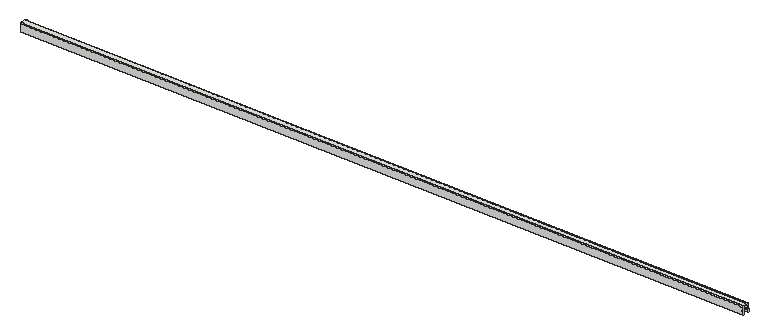
Revit family "PR11", category Mechanical Equipment, Revit 2018
Family settings
  Round Connector Dimension = Use Diameter
  Part Type = Normal
  OmniClass Number = 23.75.00.00
  OmniClass Title = Climate Control (HVAC)
  Work Plane-Based = No
  Always vertical = Yes
  Cut with Voids When Loaded = No
  Shared = No
  Room Calculation Point = No
Parameters (values of type "ISOLAMIN PR11 flashing")
  URL = "http://www.isolamin.se/"
  Thickness = "0.7 mm (Different thicknesses are available on request) \r\n0.7 mm (Different thicknesses are available on request) \r\n0.7 mm (Different thicknesses are available on request)"
  Profile Length = 1180 mm
  Model = "PR11"
  Material = "Galvanized Steel"
  Manufacturer = "ISOLAMIN AB"
  Edition = "1.0 (2018)"
Reference planes
  plane 1 "Center (Front/Back)": y = 0
  plane 2: z = 0
  plane 3 "Center (Left/Right)": x = 0
  plane 4: y = -1284.913
  plane 5: x = 1180
Forms (mm)
  Extrusion 1, solid, material "ISOLAMIN Surface Profile Material"
    sketch origin (0, 0, 0) x (0, 1, 0) y (0, 0, 1)
      loop
        line (-1, 12.5) -> (-9.4, 12.5)
        arc (-9.4, 12.5) -> (-10.107, 12.207) -> (-10.4, 11.5) r 1
        line (-10.4, 11.5) -> (-10.4, 0) -> (-9.4, 0) -> (-9.4, 2.5) -> (-8.4, 5.5) -> (-9.4, 5.5) -> (-9.4, 11.5) -> (-1, 11.5) -> (-1, 5.5) -> (-2, 5.5) -> (-1, 2.5) -> (-1, 0) -> (0, 0) -> (0, 11.5)
        arc (0, 11.5) -> (-0.293, 12.207) -> (-1, 12.5) r 1
    from 0 to 1180
Dimensions and locks
  "Profile Length": plane 3 "Center (Left/Right)" to plane 5
  aligned and locked: level to plane 2
  aligned and locked: plane 5 to Extrusion 1
Automatic sketch dimensions
  Extrusion 1 sketch curve to level = 0 mm  (x2)
  Extrusion 1 sketch curve to plane 1 "Center (Front/Back)" = 0 mm
  Extrusion 1 sketch curve to Extrusion 1 sketch curve = 1 mm  (x4)
  plane 1 "Center (Front/Back)" to Extrusion 1 sketch curve = 1 mm
  Extrusion 1 sketch curve to Extrusion 1 sketch curve = 0 mm  (x4)
  Extrusion 1 sketch curve to Extrusion 1 sketch curve = 6.4 mm
  level to Extrusion 1 sketch curve = 2.5 mm  (x2)
  Extrusion 1 sketch curve to Extrusion 1 sketch curve = 3 mm  (x2)
  Extrusion 1 sketch curve to Extrusion 1 sketch curve = 6 mm
